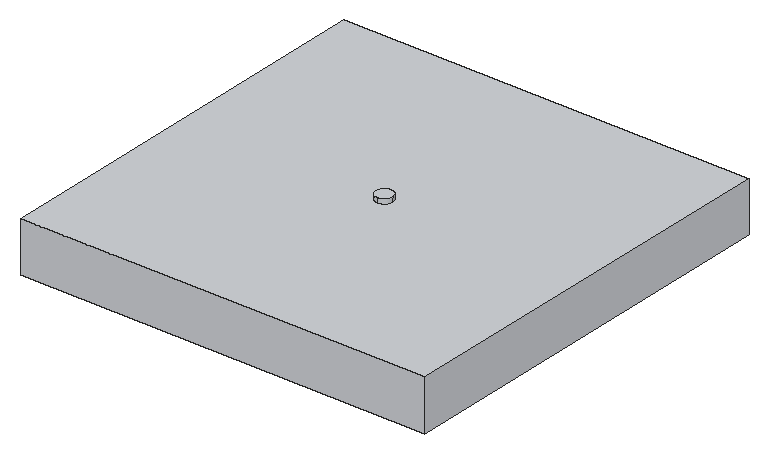
Revit family "M_Conector de tubulação - Fornecimento do hidrônico - Equipamento mecânico", category Equipamento mecânico, Revit 2019
Family settings
  Hospedeiro = Face
  Cota do conector redondo = Usar raio
  Tipo de parte = Normal
  Número OmniClass = 23.65.00.00
  Título OmniClass = Supply and Distribution of Liquids and Gases
  ID de item do Seek = Pipe Connector - Hydronic Supply - Mechanical Equipment-0000-CAN-ENU
  Corte com vazios quando carregada = Não
  Compartilhado = Não
  Ponto de cálculo do ambiente = Não
Parameters (values of type "Padrão")
  Espessura [instance] = 25.4 mm
  Raio nominal [instance] = 50 mm
  Fluxo [instance] = 0.63 L/s
  Diâmetro nominal [instance] = Raio nominal * 2  # 100 mm
  Default Elevation = 0 mm
  Assembly Code = ""
Reference planes
  plane 1 "Centro (Frente/Trás)": y = 0
  plane 2: z = 0
  plane 3 "Centro (Esquerda/Direita)": x = 0
Forms (mm)
  Extrusion 1, solid
    sketch origin (0, 0, 0) x (1, 0, 0) y (0, 1, 0)
      loop
        line (-1219.2, 1219.2) -> (-1219.2, -1219.2) -> (1219.2, -1219.2) -> (1219.2, 1219.2) -> (-1219.2, 1219.2)
    from 0 to -304.8
  Sweep 2, solid
    path in 3D
      loop
        line (0, 0, 0) -> (0, 0, 25.4)
    profile "M_Duto - Redondo : Duto - Redondo" origin (0, 0, 12.7) x (0, -1, 0) y (1, 0, 0)
      loop
        arc (-50, 0) -> (-35.355, -35.355) -> (0, -50) r 50
        arc (0, -50) -> (35.355, -35.355) -> (50, 0) r 50
        arc (50, 0) -> (35.355, 35.355) -> (0, 50) r 50
        arc (0, 50) -> (-35.355, 35.355) -> (-50, 0) r 50
Lines and regions (mm)
  reference lines
    curve 1: line (0, 0, 0) -> (0, 0, 25.4)
  sketch lines
    curve 2: line (0, 0, 0) -> (0, 0, 25.4)
Dimensions and locks
  "Espessura": curve 1 to curve 1
  aligned and locked: plane 2 to Extrusion 1
  aligned and locked: level to Extrusion 1
  aligned and locked: Extrusion 1 to curve 1
  aligned and locked: curve 1 to plane 1 "Centro (Frente/Trás)"
Automatic sketch dimensions
  Extrusion 1 sketch curve to Extrusion 1 sketch curve = 2438.4 mm  (x2)
Connectors
  piping at (0, 0, 25.4), diameter 100, driven by "Fluxo", driven by "Raio nominal"
    settings: on Sweep 2, index 1, connector inside diameter 100 mm, connector length 0 mm, flow factor 0, pipe flow 0.63 L/s, pressure drop 0.0 Pa, fitting loss kfactor 0, connector angle 0.00°, fixture units 0, engagement length 0 mm, angle of deflection 0.00°, flow configuration 1, flow direction 1, fitting loss method 0, system type 7, joint type 0, gender type 0, connector reference index -1, connector utility 0, adjustable connector no, is connector primary yes, connector description ""
